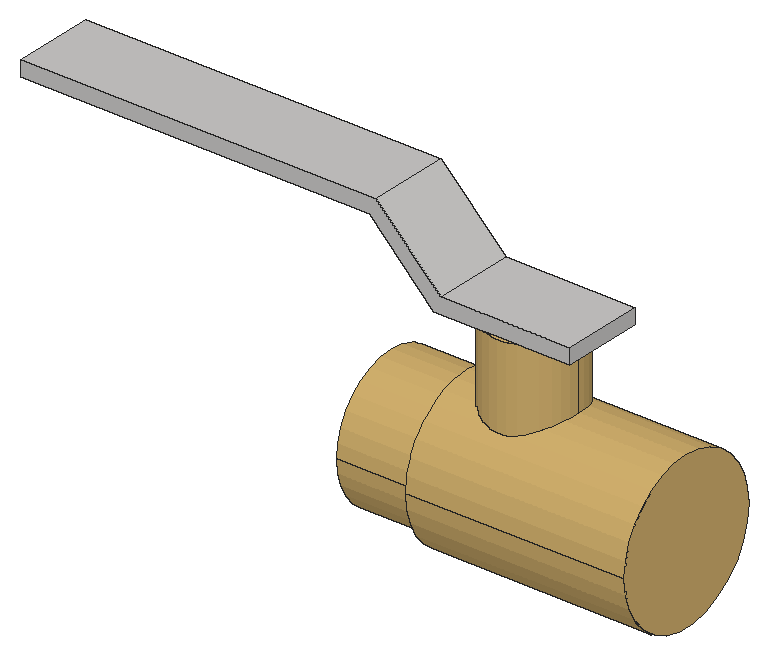
Revit family "xBall_Valves-Full_Port-WATTS-LFB6080_LFB6081_Series", category Pipe Accessories, Revit 2014
Parameters (values of type "LFB6080 - 0.5"")
  built-in parameter 1114242 [instance] = (empty or 0)
  URL = "http://www.watts.com"
  Type Comments = ""
  Stem Radius = 0.350"
  Stem Height = 1.135"
  Region = "North America"  # constant formula
  Product Page URL = "http://www.watts.com/pages/_products_details.asp?pid=6835"
  Product Documentation Link = "http://media.wattswater.com/ES-LFB6080.pdf"
  Model = "LFB6080"
  Max. Working Pressure = "600psi (41 bar) WOG non-shock; 150psi (10 bar) WSP"  # constant formula
  Material = "Lead Free-WATTS-Brass"  # constant formula
  Manufacturer Product Line = "Water Safety & Flow Control"  # constant formula
  Manufacturer = "WATTS"  # constant formula
  Length = 2.281"
  Handle Width = 0.630"
  Handle Thickness = 0.119"
  Handle Length = 3.720"
  Handle Height = 0.500"
  Description = "Series LFB6080, LFB6081 Lead Free* 2-Piece, Full Port, Copper Silicon Alloy Ball Valves are used in commercial and industrial applications for a full range of liquids and gases. It features virgin PTFE seats and seals. The LFB6080, LFB6081's full port orifice ensures minimal pressure drop, while virgin PTFE stem packing seal & thrust washer and chrome plated brass ball provide lasting service. Model LFB6080 has threaded NPT end connections and Model LFB6081 has solder end connections. Pressure Rating: 600psi WOG (non-shock) and 150psi WSP."  # constant formula
  Country = "United States"  # constant formula
  Connector Description 2 = "NPT Connection Outlet"
  Connector Description 1 = "NPT Connection Inlet"
  Connection Type = "Female NPT"
  Connection Size = Connection Radius * 2  # 0.500"
  Connection Radius = 1/4"
  Center To Outlet = Length - Center To Inlet  # 1.179"
  Center To Inlet = 1.102"
  Center To Handle Tang = 0.530"
  Center To Handle Back = Handle Width / 2  # 0.315"
  Center To Handle Angle = 0.470"
  Center To Body Angle = 0.510"
  Outlet Body Radius = 0.600"
  Inlet Body Radius = 0.530"
  Body Midpoint = (Center To Inlet + Center To Outlet) / 2  # 1.1405"
  Assembly Code = ""
  Annotation Circle Radius = if(1 = 1, Outlet Body Radius / 2, 0.000")  # 0.300"
Types (13): name | Stem Radius | Stem Height | Model | Length | Handle Width | Handle Thickness | Handle Length | Handle Height | Connector Description 2 | Connector Description 1 | Connection Type | Connection Size | Connection Radius | Center To Outlet | Center To Inlet | Center To Handle Tang | Center To Handle Back | Center To Handle Angle | Center To Body Angle | Outlet Body Radius | Inlet Body Radius | Body Midpoint | Annotation Circle Radius
  (no name) | 0.350" | 1.135" | "LFB6080" | 2.281" | 0.630" | 0.119" | 3.720" | 0.500" | "NPT Connection Outlet" | "NPT Connection Inlet" | "Female NPT" | 0.500" | 1/4" | 1.179" | 1.102" | 0.530" | 0.315" | 0.470" | 0.510" | 0.600" | 0.530" | 1.1405" | 0.300"
  LFB6080 - 0.5" | 0.350" | 1.135" | "LFB6080" | 2.281" | 0.630" | 0.119" | 3.720" | 0.500" | "NPT Connection Outlet" | "NPT Connection Inlet" | "Female NPT" | 0.500" | 1/4" | 1.179" | 1.102" | 0.530" | 0.315" | 0.470" | 0.510" | 0.600" | 0.530" | 1.1405" | 0.300"
  LFB6080 - 0.75" | 0.340" | 1.326" | "LFB6080" | 2.813" | 0.630" | 0.119" | 3.720" | 0.500" | "NPT Connection Outlet" | "NPT Connection Inlet" | "Female NPT" | 0.750" | 3/8" | 1.283" | 1.530" | 0.530" | 0.315" | 0.470" | 0.523" | 0.780" | 0.610" | 1.4065" | 0.390"
  LFB6080 - 1" | 0.400" | 1.559" | "LFB6080" | 3.563" | 0.630" | 0.120" | 3.750" | 0.500" | "NPT Connection Outlet" | "NPT Connection Inlet" | "Female NPT" | 1.000" | 1/2" | 1.683" | 1.880" | 0.630" | 0.315" | 0.490" | 0.720" | 1.030" | 0.750" | 1.7815" | 0.515"
  LFB6080 - 1.25" | 0.560" | 2.211" | "LFB6080" | 4.125" | 0.750" | 0.178" | 5.440" | 0.625" | "NPT Connection Outlet" | "NPT Connection Inlet" | "Female NPT" | 1.250" | 5/8" | 1.835" | 2.290" | 0.844" | 0.375" | 0.625" | 0.780" | 1.358" | 1.000" | 2.0625" | 0.679"
  LFB6080 - 1.5" | 0.560" | 2.394" | "LFB6080" | 4.438" | 0.750" | 0.178" | 5.440" | 0.625" | "NPT Connection Outlet" | "NPT Connection Inlet" | "Female NPT" | 1.500" | 3/4" | 1.968" | 2.470" | 0.844" | 0.375" | 0.625" | 0.750" | 1.578" | 1.160" | 2.219" | 0.789"
  LFB6080 - 2" | 0.750" | 3.129" | "LFB6080" | 5.375" | 1.000" | 0.206" | 8.000" | 0.900" | "NPT Connection Outlet" | "NPT Connection Inlet" | "Female NPT" | 2.000" | 1" | 2.545" | 2.830" | 1.116" | 0.500" | 1.280" | 1.000" | 1.988" | 1.375" | 2.6875" | 0.994"
  LFB6081 - 0.5" | 0.350" | 1.135" | "LFB6081" | 2.563" | 0.630" | 0.119" | 3.720" | 0.500" | "Soldered Connection Outlet" | "Soldered Connection Inlet" | "Soldered Connection" | 0.500" | 1/4" | 1.461" | 1.102" | 0.530" | 0.315" | 0.470" | 0.510" | 0.600" | 0.530" | 1.2815" | 0.300"
  LFB6081 - 0.75" | 0.340" | 1.326" | "LFB6081" | 2.813" | 0.630" | 0.119" | 3.720" | 0.500" | "Soldered Connection Outlet" | "Soldered Connection Inlet" | "Soldered Connection" | 0.750" | 3/8" | 1.283" | 1.530" | 0.530" | 0.315" | 0.470" | 0.523" | 0.780" | 0.610" | 1.4065" | 0.390"
  LFB6081 - 1" | 0.400" | 1.559" | "LFB6081" | 3.875" | 0.630" | 0.120" | 3.750" | 0.500" | "Soldered Connection Outlet" | "Soldered Connection Inlet" | "Soldered Connection" | 1.000" | 1/2" | 1.995" | 1.880" | 0.630" | 0.315" | 0.490" | 0.720" | 1.030" | 0.750" | 1.9375" | 0.515"
  LFB6081 - 1.25" | 0.560" | 2.211" | "LFB6081" | 4.313" | 0.750" | 0.178" | 5.440" | 0.625" | "Soldered Connection Outlet" | "Soldered Connection Inlet" | "Soldered Connection" | 1.250" | 5/8" | 2.023" | 2.290" | 0.844" | 0.375" | 0.625" | 0.780" | 1.358" | 1.000" | 2.1565" | 0.679"
  LFB6081 - 1.5" | 0.560" | 2.394" | "LFB6081" | 4.750" | 0.750" | 0.178" | 5.440" | 0.625" | "Soldered Connection Outlet" | "Soldered Connection Inlet" | "Soldered Connection" | 1.500" | 3/4" | 2.280" | 2.470" | 0.844" | 0.375" | 0.625" | 0.750" | 1.578" | 1.160" | 2.375" | 0.789"
  LFB6081 - 2" | 0.750" | 3.129" | "LFB6081" | 6.000" | 1.000" | 0.206" | 8.000" | 0.900" | "Soldered Connection Outlet" | "Soldered Connection Inlet" | "Soldered Connection" | 2.000" | 1" | 3.170" | 2.830" | 1.116" | 0.500" | 1.280" | 1.000" | 1.988" | 1.375" | 3.000" | 0.994"
Reference planes (in)
  plane 1 "Center (Front/Back)": y = 0
  plane 2 "Center (Elevation)": z = 0
  plane 3 "Center (Left/Right)": x = 0
  plane 4 "Inlet": x = -1.102
  plane 5 "Outlet": x = 1.179
  plane 6 "Body Angle": x = -0.51
  plane 7 "Body Main Front": y = -0.6
  plane 8 "Body Small Front": y = -0.53
  plane 9 "Handle Back": y = 0.315
  plane 10 "Handle Front": y = -0.315
  plane 11 "Handle Tang": x = 0.53
  plane 12 "HandLength": x = -3.72
  plane 13: z = 1.135
  plane 14 "HandThk": z = 1.254
  plane 15 "Handle Ang": x = -0.47
  plane 16 "HandHgt": z = 1.635
  plane 17: z = 1.754
  plane 18 "Body Main Back": y = 0.6
  plane 19 "AnnotaionTop": z = 0.6
  plane 20 "Annotation_Bottom": z = -0.6
  plane 21 "Body Small Back": y = 0.53
  plane 22 "Body Midpoint": x = 0.0385
Forms (in)
  Extrusion 1, solid, material "Metal-WATTS-Bronze-Lead Free", detail levels fine
    sketch origin (-1.102, 0, 0) x (0, 1, 0) y (0, 0, 1)
      loop
        circle (0, 0) r 0.53
    from 0 to 0.592
  Extrusion 2, solid, material "Metal-WATTS-Bronze-Lead Free", detail levels fine
    sketch origin (-0.51, 0, 0) x (0, 1, 0) y (0, 0, 1)
      loop
        circle (0, 0) r 0.6
    from 0 to 1.689
  Extrusion 3, solid, material "Metal-WATTS-Bronze-Lead Free", detail levels fine
    sketch origin (0, 0, 0) x (1, 0, 0) y (0, 1, 0)
      loop
        circle (0, 0) r 0.35
    from 0 to 1.135 <- "Stem Height"
  Extrusion 4, solid, material "Metal-WATTS-Steel", detail levels fine
    sketch origin (0, 0.315, 0) x (1, 0, 0) y (0, 0, 1)
      loop
        line (0.53, 1.254) -> (-0.47, 1.254) -> (-0.97, 1.754) -> (-3.72, 1.754) -> (-3.72, 1.635) -> (-1.01929, 1.635) -> (-0.51929, 1.135) -> (0.53, 1.135) -> (0.53, 1.254)
    from 0 to 0.63 <- "Handle Width"
Cuts and joins
  joined: Extrusion 1, Extrusion 2, Extrusion 3
Lines and regions (in)
  Masking region 1, detail levels fine
    outline origin (0, 0, 0) x (1, 0, 0) y (0, 1, 0)
      loop
        line (-0.51, 0.6) -> (-0.51, 0.53) -> (-1.102, 0.53) -> (-1.102, 0.315) -> (-3.72, 0.315) -> (-3.72, -0.315) -> (-1.102, -0.315) -> (-1.102, -0.53) -> (-0.51, -0.53) -> (-0.51, -0.6) -> (1.179, -0.6) -> (1.179, 0.6) -> (-0.51, 0.6)
  model lines, detail levels coarse+medium
    curve 1: line (-1.102, 0.6, 0) -> (0.0385, 0, 0)
    curve 2: line (1.179, -0.6, 0) -> (1.179, 0.6, 0)
    curve 3: line (1.179, 0.6, 0) -> (0.0385, 0, 0)
    curve 4: line (-1.102, -0.6, 0) -> (-1.102, 0.6, 0)
    curve 5: circle (0.0385, 0, 0) r 0.3 normal (0, 0, 1)
    curve 6: line (0.0385, 0, 0) -> (1.179, -0.6, 0)
    curve 7: line (0.0385, 0, 0) -> (-1.102, -0.6, 0)
    curve 11: line (1.179, 0.6, 0) -> (1.179, -0.6, 0)
  symbolic lines, detail levels fine
    curve 8: line (0.53, 0.315, 0) -> (0.53, -0.315, 0)
    curve 9: line (-0.51, -0.6, 0) -> (-0.51, -0.315, 0)
    curve 10: line (-0.51, 0.6, 0) -> (-0.51, 0.315, 0)
    curve 12: line (0.53, 0.315, 0) -> (-1.102, 0.315, 0)
    curve 13: line (-1.102, -0.315, 0) -> (0.53, -0.315, 0)
Dimensions and locks (in)
  "Center To Inlet": plane 4 "Inlet" to plane 3 "Center (Left/Right)"
  "Center To Outlet": plane 3 "Center (Left/Right)" to plane 5 "Outlet"
  "Outlet Body Radius": plane 7 "Body Main Front" to plane 1 "Center (Front/Back)"
  "Inlet Body Radius": plane 8 "Body Small Front" to plane 1 "Center (Front/Back)"
  "Center To Body Angle": plane 6 "Body Angle" to plane 3 "Center (Left/Right)"
  "Inlet Body Radius": Extrusion 1 sketch curve to plane 1 "Center (Front/Back)"
  "Outlet Body Radius": Extrusion 2 sketch curve to plane 1 "Center (Front/Back)"
  "Stem Radius": plane 3 "Center (Left/Right)" to Extrusion 3 sketch curve
  "Center To Handle Back": plane 1 "Center (Front/Back)" to plane 9 "Handle Back"
  "Handle Width": plane 10 "Handle Front" to plane 9 "Handle Back"
  "Stem Height": plane 13 to level
  "Handle Thickness": plane 14 "HandThk" to plane 13
  "Center To Handle Tang": plane 11 "Handle Tang" to plane 3 "Center (Left/Right)"
  "Center To Handle Angle": plane 3 "Center (Left/Right)" to plane 15 "Handle Ang"
  "Handle Length": plane 3 "Center (Left/Right)" to plane 12 "HandLength"
  "Handle Thickness": plane 17 to plane 16 "HandHgt"
  "Handle Height": plane 16 "HandHgt" to plane 13
  "Center To Handle Angle": plane 3 "Center (Left/Right)" to Extrusion 4 sketch curve
  "Handle Thickness": Extrusion 4 sketch curve to Extrusion 4 sketch curve
  "Outlet Body Radius": plane 1 "Center (Front/Back)" to plane 18 "Body Main Back"
  "Outlet Body Radius": plane 2 "Center (Elevation)" to plane 20 "Annotation_Bottom"
  "Outlet Body Radius": plane 19 "AnnotaionTop" to plane 2 "Center (Elevation)"
  "Inlet Body Radius": plane 1 "Center (Front/Back)" to plane 21 "Body Small Back"
  "Body Midpoint": plane 4 "Inlet" to plane 22 "Body Midpoint"
  "Annotation Circle Radius": radius of curve 5
  angle plane 15 "Handle Ang" to Extrusion 4 sketch curve = 45.00°
  aligned and locked: plane 11 "Handle Tang" to Extrusion 4 sketch curve
  aligned and locked: Extrusion 4 sketch curve to plane 14 "HandThk"
  aligned and locked: plane 17 to Extrusion 4 sketch curve
  aligned and locked: plane 12 "HandLength" to Extrusion 4 sketch curve
  aligned and locked: plane 16 "HandHgt" to Extrusion 4 sketch curve
  aligned and locked: plane 13 to Extrusion 4 sketch curve
  aligned and locked: Extrusion 4 to plane 9 "Handle Back"
  aligned and locked: plane 10 "Handle Front" to Extrusion 4
  aligned and locked: plane 5 "Outlet" to Extrusion 2
  aligned and locked: Extrusion 2 to plane 6 "Body Angle"
  aligned and locked: Extrusion 1 to plane 4 "Inlet"
  aligned and locked: plane 6 "Body Angle" to Extrusion 1
  aligned and locked: Extrusion 3 to plane 13
  aligned and locked: Extrusion 3 to level
  aligned and locked: curve 8 to plane 11 "Handle Tang"
  aligned and locked: plane 6 "Body Angle" to curve 9
  aligned and locked: curve 10 to plane 6 "Body Angle"
  aligned and locked: plane 22 "Body Midpoint" to curve 5
  aligned and locked: plane 1 "Center (Front/Back)" to curve 5
  aligned and locked: plane 18 "Body Main Back" to curve 4
  aligned and locked: plane 7 "Body Main Front" to curve 7
  aligned and locked: plane 22 "Body Midpoint" to curve 1
  aligned and locked: plane 1 "Center (Front/Back)" to curve 6
  aligned and locked: Extrusion 1 to Extrusion 2
  aligned and locked: Extrusion 2 to curve 2
  aligned and locked: Extrusion 1 to curve 1
  aligned and locked: curve 11 to plane 5 "Outlet"
  aligned and locked: plane 18 "Body Main Back" to curve 11
  aligned and locked: plane 7 "Body Main Front" to curve 11
  aligned and locked: Masking region 1 sketch curve to plane 18 "Body Main Back"
  aligned and locked: Masking region 1 sketch curve to cut or joined group of Extrusion 1, Extrusion 2, Extrusion 3  (x2)
  aligned and locked: Masking region 1 sketch curve to plane 5 "Outlet"
  aligned and locked: Masking region 1 sketch curve to plane 21 "Body Small Back"
  aligned and locked: Masking region 1 sketch curve to plane 8 "Body Small Front"
  aligned and locked: Extrusion 4 to Masking region 1 sketch curve
  aligned and locked: Masking region 1 sketch curve to Extrusion 4  (x2)
  aligned and locked: plane 4 "Inlet" to Masking region 1 sketch curve
  aligned and locked: curve 12 to Extrusion 4
  aligned and locked: Extrusion 4 to curve 13
Automatic sketch dimensions
  Extrusion 2 sketch curve to level = 0.000"
  Extrusion 2 sketch curve to plane 1 "Center (Front/Back)" = 0.000"
  Extrusion 1 sketch curve to level = 0.000"
  Extrusion 1 sketch curve to plane 1 "Center (Front/Back)" = 0.000"
  Extrusion 3 sketch curve to plane 1 "Center (Front/Back)" = 0.000"
  Extrusion 3 sketch curve to plane 3 "Center (Left/Right)" = 0.000"
  Masking region 1 sketch curve to plane 6 "Body Angle" = 0.000"
  plane 7 "Body Main Front" to Masking region 1 sketch curve = 0.000"
  curve 1 to plane 4 "Inlet" = 0.000"
  plane 7 "Body Main Front" to curve 9 = 0.000"
  curve 10 to plane 18 "Body Main Back" = 0.000"
Connectors (in)
  piping at (-1.102, 0, 0), diameter 0.5, driven by "Connection Radius", driven by "Connector Description 1"
    settings: on Extrusion 1, index 1, connector inside diameter 3/8", connector length 0.000", flow factor 0, pipe flow 0 GPM, pressure drop 0.00 psi, fitting loss kfactor 0, connector angle 0.00°, fixture units 0, engagement length 0.000", angle of deflection 0.00°, flow configuration 0, flow direction 1, fitting loss method 0, system type 29, joint type 0, gender type 0, connector reference index 2, connector utility 0, adjustable connector no, is connector primary yes, connector description "NPT Connection Inlet"
  piping at (1.179, 0, 0), diameter 0.5, driven by "Connection Radius", driven by "Connector Description 2"
    settings: on Extrusion 2, index 2, connector inside diameter 3/8", connector length 0.000", flow factor 0, pipe flow 0 GPM, pressure drop 0.00 psi, fitting loss kfactor 0, connector angle 0.00°, fixture units 0, engagement length 0.000", angle of deflection 0.00°, flow configuration 0, flow direction 2, fitting loss method 0, system type 29, joint type 0, gender type 0, connector reference index 1, connector utility 0, adjustable connector no, is connector primary no, connector description "NPT Connection Outlet"
